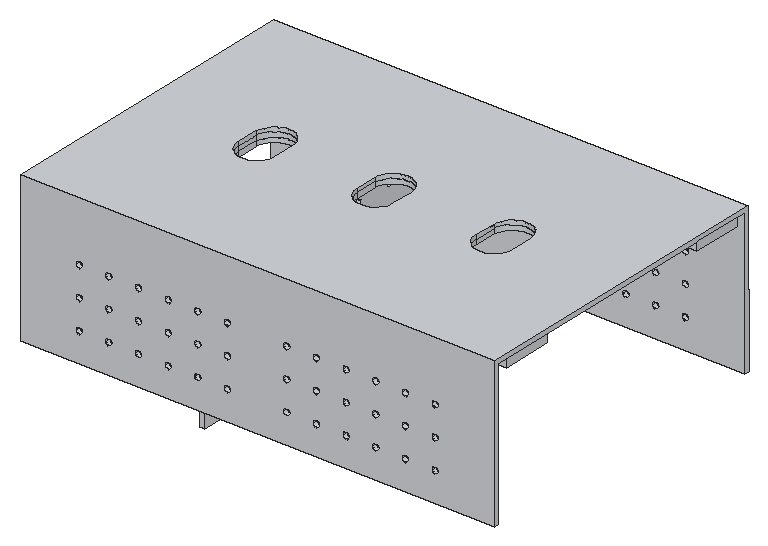
Revit family "SWS LT Double AnchorU", category Structural Connections, Revit 2026
Family settings
  Material for Model Behavior = Other
  Work Plane-Based = No
  Enable Cutting in Views = No
  Always vertical = No
  Cut with Voids When Loaded = No
  Shared = No
Parameters (values of type "SWS 800 LT (Double Anchor)")
  Version = "2.0"
  URL = "http://www.steelnetwork.com/product.aspx/StiffWall"
  Manufacturer = "The Steel Network, Inc."
  Is_800 = yes
  Is_600 = no
  Is_550 = no
  Is_400 = no
  Is_362 = no
  Is_350 = no
Types (7): name | Is_800 | Is_600 | Is_550 | Is_400 | Is_362 | Is_350
  (no name) | yes | no | no | no | no | no
  SWS 350 LT (Double Anchor) | no | no | no | no | no | yes
  SWS 362 LT (Double Anchor) | no | no | no | no | yes | no
  SWS 400 LT (Double Anchor) | no | no | no | yes | no | no
  SWS 550 LT (Double Anchor) | no | no | yes | no | no | no
  SWS 600 LT (Double Anchor) | no | yes | no | no | no | no
  SWS 800 LT (Double Anchor) | yes | no | no | no | no | no
Reference planes (in)
  plane 1 "Center (Front/Back)": y = 0
  plane 2: z = 0
  plane 3 "Center (Left/Right)": x = 0
Nested families (in)
  nested 1: "SWS 800 LT" at (3.00005, 0, -0.2257) x (1, 0, 0) z (0, 0, -1), visible <- "Is_800", type "SWS 800 LT"
  nested 2: "SWS 600 LT" at (3.00005, 0, -0.2257) x (1, 0, 0) z (0, 0, -1), visible <- "Is_600", type "SWS 600 LT"
  nested 3: "SWS 550 LT" at (3.00005, 0, -0.2257) x (1, 0, 0) z (0, 0, -1), visible <- "Is_550", type "SWS 550 LT"
  nested 4: "SWS 400 LT" at (3.00005, 0, -0.2257) x (1, 0, 0) z (0, 0, -1), visible <- "Is_400", type "SWS 400 LT"
  nested 5: "SWS 362 LT" at (3.00005, 0, -0.2257) x (1, 0, 0) z (0, 0, -1), visible <- "Is_362", type "SWS 362 LT"
  nested 6: "SWS 350 LT" at (3.00005, 0, -0.2257) x (1, 0, 0) z (0, 0, -1), visible <- "Is_350", type "SWS 350 LT"
Definition of nested family "SWS 800 LT"
  Parameters
    Default Elevation = 48.0000"
  Reference planes (in)
    plane 1 "Center (Front/Back)": y = 0
    plane 2: z = 0
    plane 3 "Center (Left/Right)": x = 0
    plane 4: y = 3.6411
    plane 5: y = 2.3768
    plane 6: y = -3.6411
  Forms (in)
    Extrusion 1, solid
      sketch origin (-3.00005, 0, 0) x (1, 0, 0) y (0, 0, 1)
        loop
          line (0, 4) -> (-0.124, 4) -> (-0.124, 0.11777) -> (-3, 0.11777) -> (-3, 0) -> (0, 0) -> (0, 4)
      from -3.83495 to 3.83495
    Extrusion 2, solid
      sketch origin (0, 0, 0) x (1, 0, 0) y (0, 0, 1)
        loop
          line (2.96875, 0) -> (-6.03125, 0) -> (-6.03125, -0.124) -> (2.96875, -0.124) -> (2.96875, 0)
      from -3.872 to 3.872
    Extrusion 3, solid
      sketch origin (0, 0, 0) x (0, 1, 0) y (0, 0, 1)
        loop
          line (4.0052, 3.5243) -> (3.9035, 3.5243) -> (3.9035, -0.124) -> (-3.9035, -0.124) -> (-3.9035, 3.5243) -> (-4.0052, 3.5243) -> (-4.0052, -0.2257) -> (4.0052, -0.2257) -> (4.0052, 3.5243)
      from -7.53125 to 4.46875
    Extrusion 4, void
      sketch origin (0, 0, 0) x (1, 0, 0) y (0, 0, 1)
        loop
          circle (-6.03125, 2.7743) r 0.082
        loop
          circle (-6.03125, 2.0243) r 0.082
        loop
          circle (-6.03125, 1.2743) r 0.082
        loop
          circle (-5.28125, 2.7743) r 0.082
        loop
          circle (-5.28125, 2.0243) r 0.082
        loop
          circle (-5.28125, 1.2743) r 0.082
        loop
          circle (-4.53125, 2.7743) r 0.082
        loop
          circle (-4.53125, 2.0243) r 0.082
        loop
          circle (-4.53125, 1.2743) r 0.082
        loop
          circle (-3.78125, 2.7743) r 0.082
        loop
          circle (-3.78125, 2.0243) r 0.082
        loop
          circle (-3.78125, 1.2743) r 0.082
        loop
          circle (-3.03125, 2.7743) r 0.082
        loop
          circle (-3.03125, 2.0243) r 0.082
        loop
          circle (-3.03125, 1.2743) r 0.082
        loop
          circle (-2.28125, 2.7743) r 0.082
        loop
          circle (-2.28125, 2.0243) r 0.082
        loop
          circle (-2.28125, 1.2743) r 0.082
        loop
          circle (-0.78125, 2.7743) r 0.082
        loop
          circle (-0.78125, 2.0243) r 0.082
        loop
          circle (-0.78125, 1.2743) r 0.082
        loop
          circle (-0.03125, 2.7743) r 0.082
        loop
          circle (-0.03125, 2.0243) r 0.082
        loop
          circle (-0.03125, 1.2743) r 0.082
        loop
          circle (0.71875, 2.7743) r 0.082
        loop
          circle (0.71875, 2.0243) r 0.082
        loop
          circle (0.71875, 1.2743) r 0.082
        loop
          circle (1.46875, 2.7743) r 0.082
        loop
          circle (1.46875, 2.0243) r 0.082
        loop
          circle (1.46875, 1.2743) r 0.082
        loop
          circle (2.21875, 2.7743) r 0.082
        loop
          circle (2.21875, 2.0243) r 0.082
        loop
          circle (2.21875, 1.2743) r 0.082
        loop
          circle (2.96875, 2.7743) r 0.082
        loop
          circle (2.96875, 2.0243) r 0.082
        loop
          circle (2.96875, 1.2743) r 0.082
      from 3.9035 to 4.0052
    Extrusion 5, void
      sketch origin (0, 0, 0) x (1, 0, 0) y (0, 0, 1)
        loop
          circle (-6.03125, 2.7743) r 0.082
        loop
          circle (-6.03125, 2.0243) r 0.082
        loop
          circle (-6.03125, 1.2743) r 0.082
        loop
          circle (-5.28125, 2.7743) r 0.082
        loop
          circle (-5.28125, 2.0243) r 0.082
        loop
          circle (-5.28125, 1.2743) r 0.082
        loop
          circle (-4.53125, 2.7743) r 0.082
        loop
          circle (-4.53125, 2.0243) r 0.082
        loop
          circle (-4.53125, 1.2743) r 0.082
        loop
          circle (-3.78125, 2.7743) r 0.082
        loop
          circle (-3.78125, 2.0243) r 0.082
        loop
          circle (-3.78125, 1.2743) r 0.082
        loop
          circle (-3.03125, 2.7743) r 0.082
        loop
          circle (-3.03125, 2.0243) r 0.082
        loop
          circle (-3.03125, 1.2743) r 0.082
        loop
          circle (-2.28125, 2.7743) r 0.082
        loop
          circle (-2.28125, 2.0243) r 0.082
        loop
          circle (-2.28125, 1.2743) r 0.082
        loop
          circle (-0.78125, 2.7743) r 0.082
        loop
          circle (-0.78125, 2.0243) r 0.082
        loop
          circle (-0.78125, 1.2743) r 0.082
        loop
          circle (-0.03125, 2.7743) r 0.082
        loop
          circle (-0.03125, 2.0243) r 0.082
        loop
          circle (-0.03125, 1.2743) r 0.082
        loop
          circle (0.71875, 2.7743) r 0.082
        loop
          circle (0.71875, 2.0243) r 0.082
        loop
          circle (0.71875, 1.2743) r 0.082
        loop
          circle (1.46875, 2.7743) r 0.082
        loop
          circle (1.46875, 2.0243) r 0.082
        loop
          circle (1.46875, 1.2743) r 0.082
        loop
          circle (2.21875, 2.7743) r 0.082
        loop
          circle (2.21875, 2.0243) r 0.082
        loop
          circle (2.21875, 1.2743) r 0.082
        loop
          circle (2.96875, 2.7743) r 0.082
        loop
          circle (2.96875, 2.0243) r 0.082
        loop
          circle (2.96875, 1.2743) r 0.082
      from -4.0052 to -3.9035
    Extrusion 6, void
      sketch origin (0, -1.93145, 0) x (0, 1, 0) y (0, 0, 1)
        loop
          circle (-1.0685, 3) r 0.086
        loop
          circle (-1.0685, 2) r 0.086
        loop
          circle (-1.0685, 1) r 0.086
        loop
          circle (-0.0685, 3) r 0.086
        loop
          circle (-0.0685, 2) r 0.086
        loop
          circle (-0.0685, 1) r 0.086
        loop
          circle (0.9315, 3) r 0.086
        loop
          circle (0.9315, 2) r 0.086
        loop
          circle (0.9315, 1) r 0.086
      from -3.12405 to -3.00005
    Extrusion 7, solid
      sketch origin (0, 0, 0) x (1, 0, 0) y (0, 1, 0)
        loop
          line (-7.53125, 3.9035) -> (-7.53125, -3.9035) -> (-6.03125, -3.9035) -> (-6.03125, 3.9035) -> (-7.53125, 3.9035)
      from -0.124 to 0.0831
    Extrusion 8, solid
      sketch origin (10.5, 0, 0) x (1, 0, 0) y (0, 1, 0)
        loop
          line (-7.53125, 3.6411) -> (-7.53125, 2.3768) -> (-6.03125, 2.3768) -> (-6.03125, 3.6411) -> (-7.53125, 3.6411)
      from -0.124 to 0.0831
    Extrusion 9, void
      sketch origin (0, 0, 0) x (1, 0, 0) y (0, 1, 0)
        loop
          line (-5, 0.28125) -> (-5, -0.28125)
          arc (-5, -0.28125) -> (-4.53125, -0.75) -> (-4.0625, -0.28125) r 0.46875
          line (-4.0625, -0.28125) -> (-4.0625, 0.28125)
          arc (-4.0625, 0.28125) -> (-4.53125, 0.75) -> (-5, 0.28125) r 0.46875
        loop
          line (1, 0.28125) -> (1, -0.28125)
          arc (1, -0.28125) -> (1.46875, -0.75) -> (1.9375, -0.28125) r 0.46875
          line (1.9375, -0.28125) -> (1.9375, 0.28125)
          arc (1.9375, 0.28125) -> (1.46875, 0.75) -> (1, 0.28125) r 0.46875
      from -0.2257 to 0.11777
    Extrusion 10, void
      sketch origin (-3, 0, 0) x (1, 0, 0) y (0, 1, 0)
        loop
          line (1, 0.28125) -> (1, -0.28125)
          arc (1, -0.28125) -> (1.46875, -0.75) -> (1.9375, -0.28125) r 0.46875
          line (1.9375, -0.28125) -> (1.9375, 0.28125)
          arc (1.9375, 0.28125) -> (1.46875, 0.75) -> (1, 0.28125) r 0.46875
      from -0.2257 to 0
    Extrusion 11, void
      sketch origin (0, 1.0685, 0) x (0, 1, 0) y (0, 0, 1)
        loop
          circle (-1.0685, 3) r 0.086
        loop
          circle (-1.0685, 2) r 0.086
        loop
          circle (-1.0685, 1) r 0.086
        loop
          circle (-0.0685, 3) r 0.086
        loop
          circle (-0.0685, 2) r 0.086
        loop
          circle (-0.0685, 1) r 0.086
        loop
          circle (0.9315, 3) r 0.086
        loop
          circle (0.9315, 2) r 0.086
        loop
          circle (0.9315, 1) r 0.086
        loop
          circle (1.9315, 3) r 0.086
        loop
          circle (1.9315, 2) r 0.086
        loop
          circle (1.9315, 1) r 0.086
      from -3.12405 to -3.00005
    Extrusion 12, solid
      sketch origin (10.5, -6.0179, 0) x (1, 0, 0) y (0, 1, 0)
        loop
          line (-7.53125, 3.6411) -> (-7.53125, 2.3768) -> (-6.03125, 2.3768) -> (-6.03125, 3.6411) -> (-7.53125, 3.6411)
      from -0.124 to 0.0831
    Extrusion 13, solid
      sketch origin (0, 0, 0) x (1, 0, 0) y (0, 1, 0)
        loop
          line (-7.53125, 3.6411) -> (-7.53125, 2.3768) -> (-6.03125, 2.3768) -> (-6.03125, 3.6411) -> (-7.53125, 3.6411)
      from -0.124 to 0.0831
    Extrusion 14, solid
      sketch origin (0, -6.0179, 0) x (1, 0, 0) y (0, 1, 0)
        loop
          line (-7.53125, 3.6411) -> (-7.53125, 2.3768) -> (-6.03125, 2.3768) -> (-6.03125, 3.6411) -> (-7.53125, 3.6411)
      from -0.124 to 0.0831
  Cuts and joins
    Extrusion 4, Extrusion 5, Extrusion 6, Extrusion 9, Extrusion 10, Extrusion 11 cuts Extrusion 1
    Extrusion 4, Extrusion 5, Extrusion 6, Extrusion 9, Extrusion 10, Extrusion 11 cuts Extrusion 3
    Extrusion 9, Extrusion 10 cuts Extrusion 2
Definition of nested family "SWS 600 LT"
  Parameters
    Default Elevation = 48.0000"
  Reference planes (in)
    plane 1 "Center (Front/Back)": y = 0
    plane 2: z = 0
    plane 3 "Center (Left/Right)": x = 0
    plane 4: y = 2.6411
    plane 5: y = 1.3768
    plane 6: y = -2.6411
  Forms (in)
    Extrusion 1, solid
      sketch origin (-3.00005, 0, 0) x (1, 0, 0) y (0, 0, 1)
        loop
          line (0, 4) -> (-0.124, 4) -> (-0.124, 0.11777) -> (-3, 0.11777) -> (-3, 0) -> (0, 0) -> (0, 4)
      from -2.835 to 2.835
    Extrusion 2, solid
      sketch origin (0, 0, 0) x (1, 0, 0) y (0, 0, 1)
        loop
          line (2.96875, 0) -> (-6.03125, 0) -> (-6.03125, -0.124) -> (2.96875, -0.124) -> (2.96875, 0)
      from -2.872 to 2.872
    Extrusion 3, solid
      sketch origin (0, 0, 0) x (0, 1, 0) y (0, 0, 1)
        loop
          line (3.0052, 3.5243) -> (2.9035, 3.5243) -> (2.9035, -0.124) -> (-2.9035, -0.124) -> (-2.9035, 3.5243) -> (-3.0052, 3.5243) -> (-3.0052, -0.2257) -> (3.0052, -0.2257) -> (3.0052, 3.5243)
      from -7.53125 to 4.46875
    Extrusion 4, void
      sketch origin (0, 0, 0) x (1, 0, 0) y (0, 0, 1)
        loop
          circle (-6.03125, 2.7743) r 0.082
        loop
          circle (-6.03125, 2.0243) r 0.082
        loop
          circle (-6.03125, 1.2743) r 0.082
        loop
          circle (-5.28125, 2.7743) r 0.082
        loop
          circle (-5.28125, 2.0243) r 0.082
        loop
          circle (-5.28125, 1.2743) r 0.082
        loop
          circle (-4.53125, 2.7743) r 0.082
        loop
          circle (-4.53125, 2.0243) r 0.082
        loop
          circle (-4.53125, 1.2743) r 0.082
        loop
          circle (-3.78125, 2.7743) r 0.082
        loop
          circle (-3.78125, 2.0243) r 0.082
        loop
          circle (-3.78125, 1.2743) r 0.082
        loop
          circle (-3.03125, 2.7743) r 0.082
        loop
          circle (-3.03125, 2.0243) r 0.082
        loop
          circle (-3.03125, 1.2743) r 0.082
        loop
          circle (-2.28125, 2.7743) r 0.082
        loop
          circle (-2.28125, 2.0243) r 0.082
        loop
          circle (-2.28125, 1.2743) r 0.082
        loop
          circle (-0.78125, 2.7743) r 0.082
        loop
          circle (-0.78125, 2.0243) r 0.082
        loop
          circle (-0.78125, 1.2743) r 0.082
        loop
          circle (-0.03125, 2.7743) r 0.082
        loop
          circle (-0.03125, 2.0243) r 0.082
        loop
          circle (-0.03125, 1.2743) r 0.082
        loop
          circle (0.71875, 2.7743) r 0.082
        loop
          circle (0.71875, 2.0243) r 0.082
        loop
          circle (0.71875, 1.2743) r 0.082
        loop
          circle (1.46875, 2.7743) r 0.082
        loop
          circle (1.46875, 2.0243) r 0.082
        loop
          circle (1.46875, 1.2743) r 0.082
        loop
          circle (2.21875, 2.7743) r 0.082
        loop
          circle (2.21875, 2.0243) r 0.082
        loop
          circle (2.21875, 1.2743) r 0.082
        loop
          circle (2.96875, 2.7743) r 0.082
        loop
          circle (2.96875, 2.0243) r 0.082
        loop
          circle (2.96875, 1.2743) r 0.082
      from 2.9035 to 3.0052
    Extrusion 5, void
      sketch origin (0, 0, 0) x (1, 0, 0) y (0, 0, 1)
        loop
          circle (-6.03125, 2.7743) r 0.082
        loop
          circle (-6.03125, 2.0243) r 0.082
        loop
          circle (-6.03125, 1.2743) r 0.082
        loop
          circle (-5.28125, 2.7743) r 0.082
        loop
          circle (-5.28125, 2.0243) r 0.082
        loop
          circle (-5.28125, 1.2743) r 0.082
        loop
          circle (-4.53125, 2.7743) r 0.082
        loop
          circle (-4.53125, 2.0243) r 0.082
        loop
          circle (-4.53125, 1.2743) r 0.082
        loop
          circle (-3.78125, 2.7743) r 0.082
        loop
          circle (-3.78125, 2.0243) r 0.082
        loop
          circle (-3.78125, 1.2743) r 0.082
        loop
          circle (-3.03125, 2.7743) r 0.082
        loop
          circle (-3.03125, 2.0243) r 0.082
        loop
          circle (-3.03125, 1.2743) r 0.082
        loop
          circle (-2.28125, 2.7743) r 0.082
        loop
          circle (-2.28125, 2.0243) r 0.082
        loop
          circle (-2.28125, 1.2743) r 0.082
        loop
          circle (-0.78125, 2.7743) r 0.082
        loop
          circle (-0.78125, 2.0243) r 0.082
        loop
          circle (-0.78125, 1.2743) r 0.082
        loop
          circle (-0.03125, 2.7743) r 0.082
        loop
          circle (-0.03125, 2.0243) r 0.082
        loop
          circle (-0.03125, 1.2743) r 0.082
        loop
          circle (0.71875, 2.7743) r 0.082
        loop
          circle (0.71875, 2.0243) r 0.082
        loop
          circle (0.71875, 1.2743) r 0.082
        loop
          circle (1.46875, 2.7743) r 0.082
        loop
          circle (1.46875, 2.0243) r 0.082
        loop
          circle (1.46875, 1.2743) r 0.082
        loop
          circle (2.21875, 2.7743) r 0.082
        loop
          circle (2.21875, 2.0243) r 0.082
        loop
          circle (2.21875, 1.2743) r 0.082
        loop
          circle (2.96875, 2.7743) r 0.082
        loop
          circle (2.96875, 2.0243) r 0.082
        loop
          circle (2.96875, 1.2743) r 0.082
      from -3.0052 to -2.9035
    Extrusion 6, void
      sketch origin (0, 0, 0) x (0, 1, 0) y (0, 0, 1)
        loop
          circle (0, 3) r 0.086
        loop
          circle (0, 2) r 0.086
        loop
          circle (0, 1) r 0.086
        loop
          circle (1, 3) r 0.086
        loop
          circle (1, 2) r 0.086
        loop
          circle (1, 1) r 0.086
        loop
          circle (2, 3) r 0.086
        loop
          circle (2, 2) r 0.086
        loop
          circle (2, 1) r 0.086
        loop
          circle (-2, 3) r 0.086
        loop
          circle (-2, 2) r 0.086
        loop
          circle (-2, 1) r 0.086
        loop
          circle (-1, 3) r 0.086
        loop
          circle (-1, 2) r 0.086
        loop
          circle (-1, 1) r 0.086
      from -3.12405 to -3.00005
    Extrusion 7, solid
      sketch origin (0, 0, 0) x (1, 0, 0) y (0, 1, 0)
        loop
          line (-7.53125, 2.6411) -> (-7.53125, 1.3768) -> (-6.03125, 1.3768) -> (-6.03125, 2.6411) -> (-7.53125, 2.6411)
      from -0.124 to 0.0831
    Extrusion 8, solid
      sketch origin (10.5, 0, 0) x (1, 0, 0) y (0, 1, 0)
        loop
          line (-7.53125, 2.6411) -> (-7.53125, 1.3768) -> (-6.03125, 1.3768) -> (-6.03125, 2.6411) -> (-7.53125, 2.6411)
      from -0.124 to 0.0831
    Extrusion 9, void
      sketch origin (0, 0, 0) x (1, 0, 0) y (0, 1, 0)
        loop
          line (-5, 0.28125) -> (-5, -0.28125)
          arc (-5, -0.28125) -> (-4.53125, -0.75) -> (-4.0625, -0.28125) r 0.46875
          line (-4.0625, -0.28125) -> (-4.0625, 0.28125)
          arc (-4.0625, 0.28125) -> (-4.53125, 0.75) -> (-5, 0.28125) r 0.46875
        loop
          line (1, 0.28125) -> (1, -0.28125)
          arc (1, -0.28125) -> (1.46875, -0.75) -> (1.9375, -0.28125) r 0.46875
          line (1.9375, -0.28125) -> (1.9375, 0.28125)
          arc (1.9375, 0.28125) -> (1.46875, 0.75) -> (1, 0.28125) r 0.46875
      from -0.2257 to 0.11777
    Extrusion 10, void
      sketch origin (-3, 0, 0) x (1, 0, 0) y (0, 1, 0)
        loop
          line (1, 0.28125) -> (1, -0.28125)
          arc (1, -0.28125) -> (1.46875, -0.75) -> (1.9375, -0.28125) r 0.46875
          line (1.9375, -0.28125) -> (1.9375, 0.28125)
          arc (1.9375, 0.28125) -> (1.46875, 0.75) -> (1, 0.28125) r 0.46875
      from -0.2257 to 0
    Extrusion 11, solid
      sketch origin (0, -4.0179, 0) x (1, 0, 0) y (0, 1, 0)
        loop
          line (-7.53125, 2.6411) -> (-7.53125, 1.3768) -> (-6.03125, 1.3768) -> (-6.03125, 2.6411) -> (-7.53125, 2.6411)
      from -0.124 to 0.0831
    Extrusion 12, solid
      sketch origin (10.5, -4.0179, 0) x (1, 0, 0) y (0, 1, 0)
        loop
          line (-7.53125, 2.6411) -> (-7.53125, 1.3768) -> (-6.03125, 1.3768) -> (-6.03125, 2.6411) -> (-7.53125, 2.6411)
      from -0.124 to 0.0831
  Cuts and joins
    Extrusion 4, Extrusion 5, Extrusion 6, Extrusion 9, Extrusion 10 cuts Extrusion 1
    Extrusion 4, Extrusion 5, Extrusion 6, Extrusion 9, Extrusion 10 cuts Extrusion 3
    Extrusion 9, Extrusion 10 cuts Extrusion 2
Definition of nested family "SWS 550 LT"
  Parameters
    Default Elevation = 48.0000"
  Reference planes (in)
    plane 1 "Center (Front/Back)": y = 0
    plane 2: z = 0
    plane 3 "Center (Left/Right)": x = 0
    plane 4: y = -2.6535
    plane 5: y = 2.3911
    plane 6: y = 1.1268
    plane 7: y = -2.3911
  Forms (in)
    Extrusion 1, solid
      sketch origin (-3.00005, 0, 0) x (1, 0, 0) y (0, 0, 1)
        loop
          line (0, 4) -> (-0.124, 4) -> (-0.124, 0.11777) -> (-3, 0.11777) -> (-3, 0) -> (0, 0) -> (0, 4)
      from -2.585 to 2.585
    Extrusion 2, solid
      sketch origin (0, 0, 0) x (1, 0, 0) y (0, 0, 1)
        loop
          line (2.96875, 0) -> (-6.03125, 0) -> (-6.03125, -0.124) -> (2.96875, -0.124) -> (2.96875, 0)
      from -2.622 to 2.622
    Extrusion 3, solid
      sketch origin (0, 0, 0) x (0, 1, 0) y (0, 0, 1)
        loop
          line (2.7552, 3.5243) -> (2.6535, 3.5243) -> (2.6535, -0.124) -> (-2.6535, -0.124) -> (-2.6535, 3.5243) -> (-2.7552, 3.5243) -> (-2.7552, -0.2257) -> (2.7552, -0.2257) -> (2.7552, 3.5243)
      from -7.53125 to 4.46875
    Extrusion 4, void
      sketch origin (0, 0, 0) x (1, 0, 0) y (0, 0, 1)
        loop
          circle (-6.03125, 2.7743) r 0.082
        loop
          circle (-6.03125, 2.0243) r 0.082
        loop
          circle (-6.03125, 1.2743) r 0.082
        loop
          circle (-5.28125, 2.7743) r 0.082
        loop
          circle (-5.28125, 2.0243) r 0.082
        loop
          circle (-5.28125, 1.2743) r 0.082
        loop
          circle (-4.53125, 2.7743) r 0.082
        loop
          circle (-4.53125, 2.0243) r 0.082
        loop
          circle (-4.53125, 1.2743) r 0.082
        loop
          circle (-3.78125, 2.7743) r 0.082
        loop
          circle (-3.78125, 2.0243) r 0.082
        loop
          circle (-3.78125, 1.2743) r 0.082
        loop
          circle (-3.03125, 2.7743) r 0.082
        loop
          circle (-3.03125, 2.0243) r 0.082
        loop
          circle (-3.03125, 1.2743) r 0.082
        loop
          circle (-2.28125, 2.7743) r 0.082
        loop
          circle (-2.28125, 2.0243) r 0.082
        loop
          circle (-2.28125, 1.2743) r 0.082
        loop
          circle (-0.78125, 2.7743) r 0.082
        loop
          circle (-0.78125, 2.0243) r 0.082
        loop
          circle (-0.78125, 1.2743) r 0.082
        loop
          circle (-0.03125, 2.7743) r 0.082
        loop
          circle (-0.03125, 2.0243) r 0.082
        loop
          circle (-0.03125, 1.2743) r 0.082
        loop
          circle (0.71875, 2.7743) r 0.082
        loop
          circle (0.71875, 2.0243) r 0.082
        loop
          circle (0.71875, 1.2743) r 0.082
        loop
          circle (1.46875, 2.7743) r 0.082
        loop
          circle (1.46875, 2.0243) r 0.082
        loop
          circle (1.46875, 1.2743) r 0.082
        loop
          circle (2.21875, 2.7743) r 0.082
        loop
          circle (2.21875, 2.0243) r 0.082
        loop
          circle (2.21875, 1.2743) r 0.082
        loop
          circle (2.96875, 2.7743) r 0.082
        loop
          circle (2.96875, 2.0243) r 0.082
        loop
          circle (2.96875, 1.2743) r 0.082
      from 2.6535 to 2.7552
    Extrusion 5, void
      sketch origin (0, 0, 0) x (1, 0, 0) y (0, 0, 1)
        loop
          circle (-6.03125, 2.7743) r 0.082
        loop
          circle (-6.03125, 2.0243) r 0.082
        loop
          circle (-6.03125, 1.2743) r 0.082
        loop
          circle (-5.28125, 2.7743) r 0.082
        loop
          circle (-5.28125, 2.0243) r 0.082
        loop
          circle (-5.28125, 1.2743) r 0.082
        loop
          circle (-4.53125, 2.7743) r 0.082
        loop
          circle (-4.53125, 2.0243) r 0.082
        loop
          circle (-4.53125, 1.2743) r 0.082
        loop
          circle (-3.78125, 2.7743) r 0.082
        loop
          circle (-3.78125, 2.0243) r 0.082
        loop
          circle (-3.78125, 1.2743) r 0.082
        loop
          circle (-3.03125, 2.7743) r 0.082
        loop
          circle (-3.03125, 2.0243) r 0.082
        loop
          circle (-3.03125, 1.2743) r 0.082
        loop
          circle (-2.28125, 2.7743) r 0.082
        loop
          circle (-2.28125, 2.0243) r 0.082
        loop
          circle (-2.28125, 1.2743) r 0.082
        loop
          circle (-0.78125, 2.7743) r 0.082
        loop
          circle (-0.78125, 2.0243) r 0.082
        loop
          circle (-0.78125, 1.2743) r 0.082
        loop
          circle (-0.03125, 2.7743) r 0.082
        loop
          circle (-0.03125, 2.0243) r 0.082
        loop
          circle (-0.03125, 1.2743) r 0.082
        loop
          circle (0.71875, 2.7743) r 0.082
        loop
          circle (0.71875, 2.0243) r 0.082
        loop
          circle (0.71875, 1.2743) r 0.082
        loop
          circle (1.46875, 2.7743) r 0.082
        loop
          circle (1.46875, 2.0243) r 0.082
        loop
          circle (1.46875, 1.2743) r 0.082
        loop
          circle (2.21875, 2.7743) r 0.082
        loop
          circle (2.21875, 2.0243) r 0.082
        loop
          circle (2.21875, 1.2743) r 0.082
        loop
          circle (2.96875, 2.7743) r 0.082
        loop
          circle (2.96875, 2.0243) r 0.082
        loop
          circle (2.96875, 1.2743) r 0.082
      from -2.7552 to -2.6535
    Extrusion 6, void
      sketch origin (0, 0, 0) x (0, 1, 0) y (0, 0, 1)
        loop
          circle (-2, 3) r 0.086
        loop
          circle (-2, 2) r 0.086
        loop
          circle (-1.99699, 1) r 0.086
        loop
          circle (-1, 3) r 0.086
        loop
          circle (-1, 2) r 0.086
        loop
          circle (-1, 1) r 0.086
        loop
          circle (1, 3) r 0.086
        loop
          circle (1, 2) r 0.086
        loop
          circle (1, 1) r 0.086
        loop
          circle (0, 3) r 0.086
        loop
          circle (0, 2) r 0.086
        loop
          circle (0, 1) r 0.086
        loop
          circle (2, 3) r 0.086
        loop
          circle (2, 2) r 0.086
        loop
          circle (2, 1) r 0.086
      from -3.12405 to -3.00005
    Extrusion 7, solid
      sketch origin (10.5, 0, 0) x (1, 0, 0) y (0, 1, 0)
        loop
          line (-7.53125, 2.3911) -> (-7.53125, 1.1268) -> (-6.03125, 1.1268) -> (-6.03125, 2.3911) -> (-7.53125, 2.3911)
      from -0.124 to 0.0831
    Extrusion 8, void
      sketch origin (0, 0, 0) x (1, 0, 0) y (0, 1, 0)
        loop
          line (-5, 0.28125) -> (-5, -0.28125)
          arc (-5, -0.28125) -> (-4.53125, -0.75) -> (-4.0625, -0.28125) r 0.46875
          line (-4.0625, -0.28125) -> (-4.0625, 0.28125)
          arc (-4.0625, 0.28125) -> (-4.53125, 0.75) -> (-5, 0.28125) r 0.46875
        loop
          line (1, 0.28125) -> (1, -0.28125)
          arc (1, -0.28125) -> (1.46875, -0.75) -> (1.9375, -0.28125) r 0.46875
          line (1.9375, -0.28125) -> (1.9375, 0.28125)
          arc (1.9375, 0.28125) -> (1.46875, 0.75) -> (1, 0.28125) r 0.46875
      from -0.2257 to 0.11777
    Extrusion 9, void
      sketch origin (-3, 0, 0) x (1, 0, 0) y (0, 1, 0)
        loop
          line (1, 0.28125) -> (1, -0.28125)
          arc (1, -0.28125) -> (1.46875, -0.75) -> (1.9375, -0.28125) r 0.46875
          line (1.9375, -0.28125) -> (1.9375, 0.28125)
          arc (1.9375, 0.28125) -> (1.46875, 0.75) -> (1, 0.28125) r 0.46875
      from -0.2257 to 0
    Extrusion 10, solid
      sketch origin (10.5, -3.5179, 0) x (1, 0, 0) y (0, 1, 0)
        loop
          line (-7.53125, 2.3911) -> (-7.53125, 1.1268) -> (-6.03125, 1.1268) -> (-6.03125, 2.3911) -> (-7.53125, 2.3911)
      from -0.124 to 0.0831
    Extrusion 11, solid
      sketch origin (0, 0, 0) x (1, 0, 0) y (0, 1, 0)
        loop
          line (-7.53125, 2.3911) -> (-7.53125, 1.1268) -> (-6.03125, 1.1268) -> (-6.03125, 2.3911) -> (-7.53125, 2.3911)
      from -0.124 to 0.0831
    Extrusion 12, solid
      sketch origin (0, -3.5179, 0) x (1, 0, 0) y (0, 1, 0)
        loop
          line (-7.53125, 2.3911) -> (-7.53125, 1.1268) -> (-6.03125, 1.1268) -> (-6.03125, 2.3911) -> (-7.53125, 2.3911)
      from -0.124 to 0.0831
  Cuts and joins
    Extrusion 4, Extrusion 5, Extrusion 6, Extrusion 8, Extrusion 9 cuts Extrusion 1
    Extrusion 4, Extrusion 5, Extrusion 6, Extrusion 8, Extrusion 9 cuts Extrusion 3
    Extrusion 8, Extrusion 9 cuts Extrusion 2
Definition of nested family "SWS 400 LT"
  Parameters
    Default Elevation = 48.0000"
  Reference planes (in)
    plane 1 "Center (Front/Back)": y = 0
    plane 2: z = 0
    plane 3 "Center (Left/Right)": x = 0
    plane 4: y = -1.9035
  Forms (in)
    Extrusion 1, solid
      sketch origin (-3.00005, 0, 0) x (1, 0, 0) y (0, 0, 1)
        loop
          line (0, 4) -> (-0.124, 4) -> (-0.124, 0.11777) -> (-3, 0.11777) -> (-3, 0) -> (0, 0) -> (0, 4)
      from -1.835 to 1.835
    Extrusion 2, solid
      sketch origin (0, 0, 0) x (1, 0, 0) y (0, 0, 1)
        loop
          line (2.96875, 0) -> (-6.03125, 0) -> (-6.03125, -0.124) -> (2.96875, -0.124) -> (2.96875, 0)
      from -1.872 to 1.872
    Extrusion 3, solid
      sketch origin (0, 0, 0) x (0, 1, 0) y (0, 0, 1)
        loop
          line (2.0052, 3.5243) -> (1.9035, 3.5243) -> (1.9035, -0.124) -> (-1.9035, -0.124) -> (-1.9035, 3.5243) -> (-2.0052, 3.5243) -> (-2.0052, -0.2257) -> (2.0052, -0.2257) -> (2.0052, 3.5243)
      from -7.53125 to 4.46875
    Extrusion 4, void
      sketch origin (0, 0, 0) x (1, 0, 0) y (0, 0, 1)
        loop
          circle (-6.03125, 2.7743) r 0.082
        loop
          circle (-6.03125, 2.0243) r 0.082
        loop
          circle (-6.03125, 1.2743) r 0.082
        loop
          circle (-5.28125, 2.7743) r 0.082
        loop
          circle (-5.28125, 2.0243) r 0.082
        loop
          circle (-5.28125, 1.2743) r 0.082
        loop
          circle (-4.53125, 2.7743) r 0.082
        loop
          circle (-4.53125, 2.0243) r 0.082
        loop
          circle (-4.53125, 1.2743) r 0.082
        loop
          circle (-3.78125, 2.7743) r 0.082
        loop
          circle (-3.78125, 2.0243) r 0.082
        loop
          circle (-3.78125, 1.2743) r 0.082
        loop
          circle (-3.03125, 2.7743) r 0.082
        loop
          circle (-3.03125, 2.0243) r 0.082
        loop
          circle (-3.03125, 1.2743) r 0.082
        loop
          circle (-2.28125, 2.7743) r 0.082
        loop
          circle (-2.28125, 2.0243) r 0.082
        loop
          circle (-2.28125, 1.2743) r 0.082
        loop
          circle (-0.78125, 2.7743) r 0.082
        loop
          circle (-0.78125, 2.0243) r 0.082
        loop
          circle (-0.78125, 1.2743) r 0.082
        loop
          circle (-0.03125, 2.7743) r 0.082
        loop
          circle (-0.03125, 2.0243) r 0.082
        loop
          circle (-0.03125, 1.2743) r 0.082
        loop
          circle (0.71875, 2.7743) r 0.082
        loop
          circle (0.71875, 2.0243) r 0.082
        loop
          circle (0.71875, 1.2743) r 0.082
        loop
          circle (1.46875, 2.7743) r 0.082
        loop
          circle (1.46875, 2.0243) r 0.082
        loop
          circle (1.46875, 1.2743) r 0.082
        loop
          circle (2.21875, 2.7743) r 0.082
        loop
          circle (2.21875, 2.0243) r 0.082
        loop
          circle (2.21875, 1.2743) r 0.082
        loop
          circle (2.96875, 2.7743) r 0.082
        loop
          circle (2.96875, 2.0243) r 0.082
        loop
          circle (2.96875, 1.2743) r 0.082
      from 1.9035 to 2.0052
    Extrusion 5, void
      sketch origin (0, 0, 0) x (1, 0, 0) y (0, 0, 1)
        loop
          circle (-6.03125, 2.7743) r 0.082
        loop
          circle (-6.03125, 2.0243) r 0.082
        loop
          circle (-6.03125, 1.2743) r 0.082
        loop
          circle (-5.28125, 2.7743) r 0.082
        loop
          circle (-5.28125, 2.0243) r 0.082
        loop
          circle (-5.28125, 1.2743) r 0.082
        loop
          circle (-4.53125, 2.7743) r 0.082
        loop
          circle (-4.53125, 2.0243) r 0.082
        loop
          circle (-4.53125, 1.2743) r 0.082
        loop
          circle (-3.78125, 2.7743) r 0.082
        loop
          circle (-3.78125, 2.0243) r 0.082
        loop
          circle (-3.78125, 1.2743) r 0.082
        loop
          circle (-3.03125, 2.7743) r 0.082
        loop
          circle (-3.03125, 2.0243) r 0.082
        loop
          circle (-3.03125, 1.2743) r 0.082
        loop
          circle (-2.28125, 2.7743) r 0.082
        loop
          circle (-2.28125, 2.0243) r 0.082
        loop
          circle (-2.28125, 1.2743) r 0.082
        loop
          circle (-0.78125, 2.7743) r 0.082
        loop
          circle (-0.78125, 2.0243) r 0.082
        loop
          circle (-0.78125, 1.2743) r 0.082
        loop
          circle (-0.03125, 2.7743) r 0.082
        loop
          circle (-0.03125, 2.0243) r 0.082
        loop
          circle (-0.03125, 1.2743) r 0.082
        loop
          circle (0.71875, 2.7743) r 0.082
        loop
          circle (0.71875, 2.0243) r 0.082
        loop
          circle (0.71875, 1.2743) r 0.082
        loop
          circle (1.46875, 2.7743) r 0.082
        loop
          circle (1.46875, 2.0243) r 0.082
        loop
          circle (1.46875, 1.2743) r 0.082
        loop
          circle (2.21875, 2.7743) r 0.082
        loop
          circle (2.21875, 2.0243) r 0.082
        loop
          circle (2.21875, 1.2743) r 0.082
        loop
          circle (2.96875, 2.7743) r 0.082
        loop
          circle (2.96875, 2.0243) r 0.082
        loop
          circle (2.96875, 1.2743) r 0.082
      from -2.0052 to -1.9035
    Extrusion 6, void
      sketch origin (0, 0, 0) x (0, 1, 0) y (0, 0, 1)
        loop
          circle (-1, 3) r 0.086
        loop
          circle (-1, 2) r 0.086
        loop
          circle (-1, 1) r 0.086
        loop
          circle (0, 3) r 0.086
        loop
          circle (0, 2) r 0.086
        loop
          circle (0, 1) r 0.086
        loop
          circle (1, 3) r 0.086
        loop
          circle (1, 2) r 0.086
        loop
          circle (1, 1) r 0.086
      from -3.12405 to -3.00005
    Extrusion 7, solid
      sketch origin (10.5, 0, 0) x (1, 0, 0) y (0, 1, 0)
        loop
          line (-7.53125, 1.6411) -> (-7.53125, 0.3768) -> (-6.03125, 0.3768) -> (-6.03125, 1.6411) -> (-7.53125, 1.6411)
      from -0.124 to 0.0831
    Extrusion 8, void
      sketch origin (0, 0, 0) x (1, 0, 0) y (0, 1, 0)
        loop
          line (-5, 0.28125) -> (-5, -0.28125)
          arc (-5, -0.28125) -> (-4.53125, -0.75) -> (-4.0625, -0.28125) r 0.46875
          line (-4.0625, -0.28125) -> (-4.0625, 0.28125)
          arc (-4.0625, 0.28125) -> (-4.53125, 0.75) -> (-5, 0.28125) r 0.46875
        loop
          line (1, 0.28125) -> (1, -0.28125)
          arc (1, -0.28125) -> (1.46875, -0.75) -> (1.9375, -0.28125) r 0.46875
          line (1.9375, -0.28125) -> (1.9375, 0.28125)
          arc (1.9375, 0.28125) -> (1.46875, 0.75) -> (1, 0.28125) r 0.46875
      from -0.2257 to 0.11777
    Extrusion 9, void
      sketch origin (-3, 0, 0) x (1, 0, 0) y (0, 1, 0)
        loop
          line (1, 0.28125) -> (1, -0.28125)
          arc (1, -0.28125) -> (1.46875, -0.75) -> (1.9375, -0.28125) r 0.46875
          line (1.9375, -0.28125) -> (1.9375, 0.28125)
          arc (1.9375, 0.28125) -> (1.46875, 0.75) -> (1, 0.28125) r 0.46875
      from -0.2257 to 0
    Extrusion 10, solid
      sketch origin (10.5, -2.0179, 0) x (1, 0, 0) y (0, 1, 0)
        loop
          line (-7.53125, 1.6411) -> (-7.53125, 0.3768) -> (-6.03125, 0.3768) -> (-6.03125, 1.6411) -> (-7.53125, 1.6411)
      from -0.124 to 0.0831
    Extrusion 11, solid
      sketch origin (0, 0, 0) x (1, 0, 0) y (0, 1, 0)
        loop
          line (-7.53125, 1.6411) -> (-7.53125, 0.3768) -> (-6.03125, 0.3768) -> (-6.03125, 1.6411) -> (-7.53125, 1.6411)
      from -0.124 to 0.0831
    Extrusion 12, solid
      sketch origin (0, -2.0179, 0) x (1, 0, 0) y (0, 1, 0)
        loop
          line (-7.53125, 1.6411) -> (-7.53125, 0.3768) -> (-6.03125, 0.3768) -> (-6.03125, 1.6411) -> (-7.53125, 1.6411)
      from -0.124 to 0.0831
  Cuts and joins
    Extrusion 4, Extrusion 5, Extrusion 6, Extrusion 8, Extrusion 9 cuts Extrusion 1
    Extrusion 4, Extrusion 5, Extrusion 6, Extrusion 8, Extrusion 9 cuts Extrusion 3
    Extrusion 8, Extrusion 9 cuts Extrusion 2
Definition of nested family "SWS 362 LT"
  Parameters
    Default Elevation = 48.0000"
  Reference planes (in)
    plane 1 "Center (Front/Back)": y = 0
    plane 2: z = 0
    plane 3 "Center (Left/Right)": x = 0
    plane 4: y = 1.4536
    plane 5: y = 0.1893
    plane 6: y = -1.4536
  Forms (in)
    Extrusion 1, solid
      sketch origin (-3.00005, 0, 0) x (1, 0, 0) y (0, 0, 1)
        loop
          line (0, 4) -> (-0.124, 4) -> (-0.124, 0.11777) -> (-3, 0.11777) -> (-3, 0) -> (0, 0) -> (0, 4)
      from -1.6475 to 1.6475
    Extrusion 2, solid
      sketch origin (0, 0, 0) x (1, 0, 0) y (0, 0, 1)
        loop
          line (2.96875, 0) -> (-6.03125, 0) -> (-6.03125, -0.124) -> (2.96875, -0.124) -> (2.96875, 0)
      from -1.6845 to 1.6845
    Extrusion 3, solid
      sketch origin (0, 0, 0) x (0, 1, 0) y (0, 0, 1)
        loop
          line (1.8177, 3.5243) -> (1.716, 3.5243) -> (1.716, -0.124) -> (-1.716, -0.124) -> (-1.716, 3.5243) -> (-1.8177, 3.5243) -> (-1.8177, -0.2257) -> (1.8177, -0.2257) -> (1.8177, 3.5243)
      from -7.53125 to 4.46875
    Extrusion 4, void
      sketch origin (0, 0, 0) x (1, 0, 0) y (0, 0, 1)
        loop
          circle (-6.03125, 2.7743) r 0.082
        loop
          circle (-6.03125, 2.0243) r 0.082
        loop
          circle (-6.03125, 1.2743) r 0.082
        loop
          circle (-5.28125, 2.7743) r 0.082
        loop
          circle (-5.28125, 2.0243) r 0.082
        loop
          circle (-5.28125, 1.2743) r 0.082
        loop
          circle (-4.53125, 2.7743) r 0.082
        loop
          circle (-4.53125, 2.0243) r 0.082
        loop
          circle (-4.53125, 1.2743) r 0.082
        loop
          circle (-3.78125, 2.7743) r 0.082
        loop
          circle (-3.78125, 2.0243) r 0.082
        loop
          circle (-3.78125, 1.2743) r 0.082
        loop
          circle (-3.03125, 2.7743) r 0.082
        loop
          circle (-3.03125, 2.0243) r 0.082
        loop
          circle (-3.03125, 1.2743) r 0.082
        loop
          circle (-2.28125, 2.7743) r 0.082
        loop
          circle (-2.28125, 2.0243) r 0.082
        loop
          circle (-2.28125, 1.2743) r 0.082
        loop
          circle (-0.78125, 2.7743) r 0.082
        loop
          circle (-0.78125, 2.0243) r 0.082
        loop
          circle (-0.78125, 1.2743) r 0.082
        loop
          circle (-0.03125, 2.7743) r 0.082
        loop
          circle (-0.03125, 2.0243) r 0.082
        loop
          circle (-0.03125, 1.2743) r 0.082
        loop
          circle (0.71875, 2.7743) r 0.082
        loop
          circle (0.71875, 2.0243) r 0.082
        loop
          circle (0.71875, 1.2743) r 0.082
        loop
          circle (1.46875, 2.7743) r 0.082
        loop
          circle (1.46875, 2.0243) r 0.082
        loop
          circle (1.46875, 1.2743) r 0.082
        loop
          circle (2.21875, 2.7743) r 0.082
        loop
          circle (2.21875, 2.0243) r 0.082
        loop
          circle (2.21875, 1.2743) r 0.082
        loop
          circle (2.96875, 2.7743) r 0.082
        loop
          circle (2.96875, 2.0243) r 0.082
        loop
          circle (2.96875, 1.2743) r 0.082
      from 1.716 to 1.8177
    Extrusion 5, void
      sketch origin (0, 0, 0) x (1, 0, 0) y (0, 0, 1)
        loop
          circle (-6.03125, 2.7743) r 0.082
        loop
          circle (-6.03125, 2.0243) r 0.082
        loop
          circle (-6.03125, 1.2743) r 0.082
        loop
          circle (-5.28125, 2.7743) r 0.082
        loop
          circle (-5.28125, 2.0243) r 0.082
        loop
          circle (-5.28125, 1.2743) r 0.082
        loop
          circle (-4.53125, 2.7743) r 0.082
        loop
          circle (-4.53125, 2.0243) r 0.082
        loop
          circle (-4.53125, 1.2743) r 0.082
        loop
          circle (-3.78125, 2.7743) r 0.082
        loop
          circle (-3.78125, 2.0243) r 0.082
        loop
          circle (-3.78125, 1.2743) r 0.082
        loop
          circle (-3.03125, 2.7743) r 0.082
        loop
          circle (-3.03125, 2.0243) r 0.082
        loop
          circle (-3.03125, 1.2743) r 0.082
        loop
          circle (-2.28125, 2.7743) r 0.082
        loop
          circle (-2.28125, 2.0243) r 0.082
        loop
          circle (-2.28125, 1.2743) r 0.082
        loop
          circle (-0.78125, 2.7743) r 0.082
        loop
          circle (-0.78125, 2.0243) r 0.082
        loop
          circle (-0.78125, 1.2743) r 0.082
        loop
          circle (-0.03125, 2.7743) r 0.082
        loop
          circle (-0.03125, 2.0243) r 0.082
        loop
          circle (-0.03125, 1.2743) r 0.082
        loop
          circle (0.71875, 2.7743) r 0.082
        loop
          circle (0.71875, 2.0243) r 0.082
        loop
          circle (0.71875, 1.2743) r 0.082
        loop
          circle (1.46875, 2.7743) r 0.082
        loop
          circle (1.46875, 2.0243) r 0.082
        loop
          circle (1.46875, 1.2743) r 0.082
        loop
          circle (2.21875, 2.7743) r 0.082
        loop
          circle (2.21875, 2.0243) r 0.082
        loop
          circle (2.21875, 1.2743) r 0.082
        loop
          circle (2.96875, 2.7743) r 0.082
        loop
          circle (2.96875, 2.0243) r 0.082
        loop
          circle (2.96875, 1.2743) r 0.082
      from -1.8177 to -1.716
    Extrusion 6, void
      sketch origin (0, 0, 0) x (0, 1, 0) y (0, 0, 1)
        loop
          circle (-1.0685, 3) r 0.086
        loop
          circle (-1.0685, 2) r 0.086
        loop
          circle (-1.0685, 1) r 0.086
        loop
          circle (-0.0685, 3) r 0.086
        loop
          circle (-0.0685, 2) r 0.086
        loop
          circle (-0.0685, 1) r 0.086
        loop
          circle (0.9315, 3) r 0.086
        loop
          circle (0.9315, 2) r 0.086
        loop
          circle (0.9315, 1) r 0.086
      from -3.12405 to -3.00005
    Extrusion 7, solid
      sketch origin (10.5, 0, 0) x (1, 0, 0) y (0, 1, 0)
        loop
          line (-7.53125, 1.4536) -> (-7.53125, 0.1893) -> (-6.03125, 0.1893) -> (-6.03125, 1.4536) -> (-7.53125, 1.4536)
      from -0.124 to 0.0831
    Extrusion 8, void
      sketch origin (0, 0, 0) x (1, 0, 0) y (0, 1, 0)
        loop
          line (-5, 0.28125) -> (-5, -0.28125)
          arc (-5, -0.28125) -> (-4.53125, -0.75) -> (-4.0625, -0.28125) r 0.46875
          line (-4.0625, -0.28125) -> (-4.0625, 0.28125)
          arc (-4.0625, 0.28125) -> (-4.53125, 0.75) -> (-5, 0.28125) r 0.46875
        loop
          line (1, 0.28125) -> (1, -0.28125)
          arc (1, -0.28125) -> (1.46875, -0.75) -> (1.9375, -0.28125) r 0.46875
          line (1.9375, -0.28125) -> (1.9375, 0.28125)
          arc (1.9375, 0.28125) -> (1.46875, 0.75) -> (1, 0.28125) r 0.46875
      from -0.2257 to 0.11777
    Extrusion 9, void
      sketch origin (-3, 0, 0) x (1, 0, 0) y (0, 1, 0)
        loop
          line (1, 0.28125) -> (1, -0.28125)
          arc (1, -0.28125) -> (1.46875, -0.75) -> (1.9375, -0.28125) r 0.46875
          line (1.9375, -0.28125) -> (1.9375, 0.28125)
          arc (1.9375, 0.28125) -> (1.46875, 0.75) -> (1, 0.28125) r 0.46875
      from -0.2257 to 0
    Extrusion 10, solid
      sketch origin (10.5, -1.6429, 0) x (1, 0, 0) y (0, 1, 0)
        loop
          line (-7.53125, 1.4536) -> (-7.53125, 0.1893) -> (-6.03125, 0.1893) -> (-6.03125, 1.4536) -> (-7.53125, 1.4536)
      from -0.124 to 0.0831
    Extrusion 11, solid
      sketch origin (0, 0, 0) x (1, 0, 0) y (0, 1, 0)
        loop
          line (-7.53125, 1.4536) -> (-7.53125, 0.1893) -> (-6.03125, 0.1893) -> (-6.03125, 1.4536) -> (-7.53125, 1.4536)
      from -0.124 to 0.0831
    Extrusion 12, solid
      sketch origin (0, -1.6429, 0) x (1, 0, 0) y (0, 1, 0)
        loop
          line (-7.53125, 1.4536) -> (-7.53125, 0.1893) -> (-6.03125, 0.1893) -> (-6.03125, 1.4536) -> (-7.53125, 1.4536)
      from -0.124 to 0.0831
  Cuts and joins
    Extrusion 4, Extrusion 5, Extrusion 6, Extrusion 8, Extrusion 9 cuts Extrusion 1
    Extrusion 4, Extrusion 5, Extrusion 6, Extrusion 8, Extrusion 9 cuts Extrusion 3
    Extrusion 8, Extrusion 9 cuts Extrusion 2
Definition of nested family "SWS 350 LT"
  Reference planes (in)
    plane 1 "Center (Front/Back)": y = 0
    plane 2: z = 0
    plane 3 "Center (Left/Right)": x = 0
    plane 4: y = 1.3911
    plane 5: y = 0.1268
    plane 6: y = -1.3911
    plane 7: y = -0.1268
  Forms (in)
    Extrusion 1, solid
      sketch origin (-3.00005, 0, 0) x (1, 0, 0) y (0, 0, 1)
        loop
          line (0, 4) -> (-0.124, 4) -> (-0.124, 0.11777) -> (-2.9746, 0.11777) -> (-2.9746, 0) -> (0, 0) -> (0, 4)
      from -1.585 to 1.585
    Extrusion 2, solid
      sketch origin (0, 0, 0) x (1, 0, 0) y (0, 0, 1)
        loop
          line (2.96875, 0) -> (-6.00595, 0) -> (-6.00595, -0.124) -> (2.96875, -0.124) -> (2.96875, 0)
      from -1.6535 to 1.6535
    Extrusion 3, solid
      sketch origin (0, 0, 0) x (0, 1, 0) y (0, 0, 1)
        loop
          line (1.7552, 3.5243) -> (1.6535, 3.5243) -> (1.6535, -0.124) -> (-1.6535, -0.124) -> (-1.6535, 3.5243) -> (-1.7552, 3.5243) -> (-1.7552, -0.2257) -> (1.7552, -0.2257) -> (1.7552, 3.5243)
      from -7.53125 to 4.46875
    Extrusion 4, void
      sketch origin (0, 0, 0) x (1, 0, 0) y (0, 0, 1)
        loop
          circle (-6.03125, 2.7743) r 0.082
        loop
          circle (-6.03125, 2.0243) r 0.082
        loop
          circle (-6.03125, 1.2743) r 0.082
        loop
          circle (-5.28125, 2.7743) r 0.082
        loop
          circle (-5.28125, 2.0243) r 0.082
        loop
          circle (-5.28125, 1.2743) r 0.082
        loop
          circle (-4.53125, 2.7743) r 0.082
        loop
          circle (-4.53125, 2.0243) r 0.082
        loop
          circle (-4.53125, 1.2743) r 0.082
        loop
          circle (-3.78125, 2.7743) r 0.082
        loop
          circle (-3.78125, 2.0243) r 0.082
        loop
          circle (-3.78125, 1.2743) r 0.082
        loop
          circle (-3.03125, 2.7743) r 0.082
        loop
          circle (-3.03125, 2.0243) r 0.082
        loop
          circle (-3.03125, 1.2743) r 0.082
        loop
          circle (-2.28125, 2.7743) r 0.082
        loop
          circle (-2.28125, 2.0243) r 0.082
        loop
          circle (-2.28125, 1.2743) r 0.082
        loop
          circle (-0.78125, 2.7743) r 0.082
        loop
          circle (-0.78125, 2.0243) r 0.082
        loop
          circle (-0.78125, 1.2743) r 0.082
        loop
          circle (-0.03125, 2.7743) r 0.082
        loop
          circle (-0.03125, 2.0243) r 0.082
        loop
          circle (-0.03125, 1.2743) r 0.082
        loop
          circle (0.71875, 2.7743) r 0.082
        loop
          circle (0.71875, 2.0243) r 0.082
        loop
          circle (0.71875, 1.2743) r 0.082
        loop
          circle (1.46875, 2.7743) r 0.082
        loop
          circle (1.46875, 2.0243) r 0.082
        loop
          circle (1.46875, 1.2743) r 0.082
        loop
          circle (2.21875, 2.7743) r 0.082
        loop
          circle (2.21875, 2.0243) r 0.082
        loop
          circle (2.21875, 1.2743) r 0.082
        loop
          circle (2.96875, 2.7743) r 0.082
        loop
          circle (2.96875, 2.0243) r 0.082
        loop
          circle (2.96875, 1.2743) r 0.082
      from 1.6535 to 1.7552
    Extrusion 5, void
      sketch origin (0, 0, 0) x (1, 0, 0) y (0, 0, 1)
        loop
          circle (-6.03125, 2.7743) r 0.082
        loop
          circle (-6.03125, 2.0243) r 0.082
        loop
          circle (-6.03125, 1.2743) r 0.082
        loop
          circle (-5.28125, 2.7743) r 0.082
        loop
          circle (-5.28125, 2.0243) r 0.082
        loop
          circle (-5.28125, 1.2743) r 0.082
        loop
          circle (-4.53125, 2.7743) r 0.082
        loop
          circle (-4.53125, 2.0243) r 0.082
        loop
          circle (-4.53125, 1.2743) r 0.082
        loop
          circle (-3.78125, 2.7743) r 0.082
        loop
          circle (-3.78125, 2.0243) r 0.082
        loop
          circle (-3.78125, 1.2743) r 0.082
        loop
          circle (-3.03125, 2.7743) r 0.082
        loop
          circle (-3.03125, 2.0243) r 0.082
        loop
          circle (-3.03125, 1.2743) r 0.082
        loop
          circle (-2.28125, 2.7743) r 0.082
        loop
          circle (-2.28125, 2.0243) r 0.082
        loop
          circle (-2.28125, 1.2743) r 0.082
        loop
          circle (-0.78125, 2.7743) r 0.082
        loop
          circle (-0.78125, 2.0243) r 0.082
        loop
          circle (-0.78125, 1.2743) r 0.082
        loop
          circle (-0.03125, 2.7743) r 0.082
        loop
          circle (-0.03125, 2.0243) r 0.082
        loop
          circle (-0.03125, 1.2743) r 0.082
        loop
          circle (0.71875, 2.7743) r 0.082
        loop
          circle (0.71875, 2.0243) r 0.082
        loop
          circle (0.71875, 1.2743) r 0.082
        loop
          circle (1.46875, 2.7743) r 0.082
        loop
          circle (1.46875, 2.0243) r 0.082
        loop
          circle (1.46875, 1.2743) r 0.082
        loop
          circle (2.21875, 2.7743) r 0.082
        loop
          circle (2.21875, 2.0243) r 0.082
        loop
          circle (2.21875, 1.2743) r 0.082
        loop
          circle (2.96875, 2.7743) r 0.082
        loop
          circle (2.96875, 2.0243) r 0.082
        loop
          circle (2.96875, 1.2743) r 0.082
      from -1.7552 to -1.6535
    Extrusion 6, void
      sketch origin (0, 0, 0) x (0, 1, 0) y (0, 0, 1)
        loop
          circle (-1.0685, 3) r 0.086
        loop
          circle (-1.0685, 2) r 0.086
        loop
          circle (-1.0685, 1) r 0.086
        loop
          circle (-0.0685, 3) r 0.086
        loop
          circle (-0.0685, 2) r 0.086
        loop
          circle (-0.0685, 1) r 0.086
        loop
          circle (0.9315, 3) r 0.086
        loop
          circle (0.9315, 2) r 0.086
        loop
          circle (0.9315, 1) r 0.086
      from -3.12405 to -3.00005
    Extrusion 7, solid
      sketch origin (10.5, 0, 0) x (1, 0, 0) y (0, 1, 0)
        loop
          line (-7.53125, -0.1268) -> (-7.53125, -1.3911) -> (-6.03125, -1.3911) -> (-6.03125, -0.1268) -> (-7.53125, -0.1268)
      from -0.124 to 0.0831
    Extrusion 8, void
      sketch origin (0, 0, 0) x (1, 0, 0) y (0, 1, 0)
        loop
          line (-5, 0.28125) -> (-5, -0.28125)
          arc (-5, -0.28125) -> (-4.53125, -0.75) -> (-4.0625, -0.28125) r 0.46875
          line (-4.0625, -0.28125) -> (-4.0625, 0.28125)
          arc (-4.0625, 0.28125) -> (-4.53125, 0.75) -> (-5, 0.28125) r 0.46875
        loop
          line (1, 0.28125) -> (1, -0.28125)
          arc (1, -0.28125) -> (1.46875, -0.75) -> (1.9375, -0.28125) r 0.46875
          line (1.9375, -0.28125) -> (1.9375, 0.28125)
          arc (1.9375, 0.28125) -> (1.46875, 0.75) -> (1, 0.28125) r 0.46875
      from -0.2257 to 0.11777
    Extrusion 9, void
      sketch origin (-3, 0, 0) x (1, 0, 0) y (0, 1, 0)
        loop
          line (1, 0.28125) -> (1, -0.28125)
          arc (1, -0.28125) -> (1.46875, -0.75) -> (1.9375, -0.28125) r 0.46875
          line (1.9375, -0.28125) -> (1.9375, 0.28125)
          arc (1.9375, 0.28125) -> (1.46875, 0.75) -> (1, 0.28125) r 0.46875
      from -0.2257 to 0
    Extrusion 10, solid
      sketch origin (10.5, 1.5179, 0) x (1, 0, 0) y (0, 1, 0)
        loop
          line (-7.53125, -0.1268) -> (-7.53125, -1.3911) -> (-6.03125, -1.3911) -> (-6.03125, -0.1268) -> (-7.53125, -0.1268)
      from -0.124 to 0.0831
    Extrusion 11, solid
      sketch origin (0, 0, 0) x (1, 0, 0) y (0, 1, 0)
        loop
          line (-7.53125, -0.1268) -> (-7.53125, -1.3911) -> (-6.03125, -1.3911) -> (-6.03125, -0.1268) -> (-7.53125, -0.1268)
      from -0.124 to 0.0831
    Extrusion 12, solid
      sketch origin (0, 1.5179, 0) x (1, 0, 0) y (0, 1, 0)
        loop
          line (-7.53125, -0.1268) -> (-7.53125, -1.3911) -> (-6.03125, -1.3911) -> (-6.03125, -0.1268) -> (-7.53125, -0.1268)
      from -0.124 to 0.0831
  Cuts and joins
    Extrusion 4, Extrusion 5, Extrusion 6, Extrusion 8, Extrusion 9 cuts Extrusion 1
    Extrusion 4, Extrusion 5, Extrusion 6, Extrusion 8, Extrusion 9 cuts Extrusion 3
    Extrusion 8, Extrusion 9 cuts Extrusion 2
